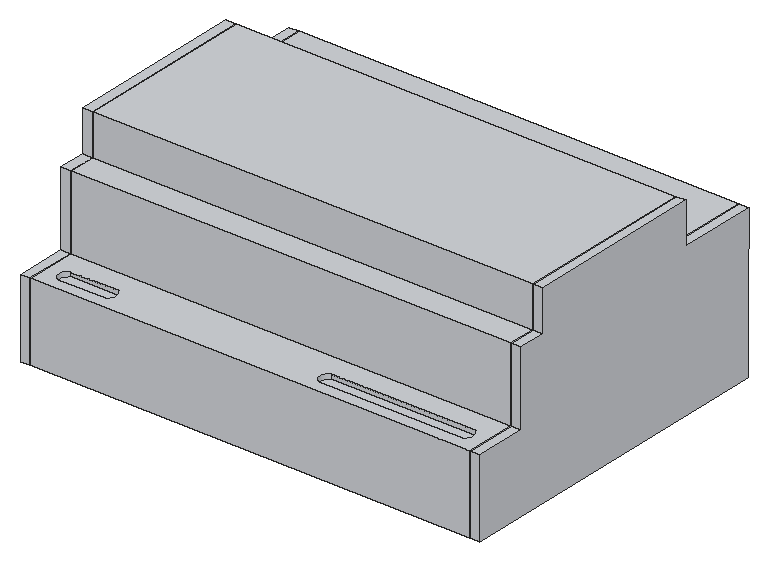
Revit family "Gira_053500", category Electrical Fixtures, host Face, Revit 2017
Family settings
  Host = Face
  Maintain Annotation Orientation = No
  Round Connector Dimension = Use Diameter
  Part Type = Normal
  Cut with Voids When Loaded = No
  Shared = No
  Room Calculation Point = No
Parameters (values of type "DC pow.supply 24 V 5 A DRA Electronics")
  URL = "https://www.gira.de/"
  Type Comments = ""
  Model = ""
  Manufacturer = "Gira"
  Keynote = ""
  HeinzeBIM = "https://www.heinze.de/bim/dc-pow-supply-24-v-5-a-dra-electronics/66304a2bba27a85c9a5d9a86d3c19f51ab19208a"
  HAN = "053500"
  GTIN = "4010337535003"
  Description = "DC PSU 24V 5A DRA Elec. Power supply DC 24 V 5 A,DRA Features: - Stabilised and short-circuit-proof switched mode power supply unit for installation on a top-hat rail."
  Default Elevation = 1219.2 mm
  Cost = 0
  BIMSITE_PRODUCT_ID = "66304a2bba27a85c9a5d9a86d3c19f51ab19208a"
  BIM = "https://media.live.bim.site/t/eyJhbGciOiJIUzI1NiIsInR5cCI6IkpXVCJ9.eyJjdCI6MSwidGYiOiJwdWJsaWMvZ2lyYS8wOWY1ZGI1LzA1MzUgMDBfUkVHIDYucmZhIiwiY2lkIjoiZmVkOThlOWEtMWJkOC00YzY4LWE3M2ItNzRhOTRlMzE1ODIzIiwicmlkIjoiNjkyOWI3NTZmMDJkNTNlYmYxZjQ4YmMzMjJjYmRhMTgiLCJwaWQiOiI2NjMwNGEyYmJhMjdhODVjOWE1ZDlhODZkM2MxOWY1MWFiMTkyMDhhIiwic2lkIjoiNjM0NzAiLCJ1dCI6NSwibGMiOiJlbiIsImlhdCI6MTYwNzQyNzg0MCwiaXNzIjoiaHR0cHM6Ly9hcGkubGl2ZS5iaW0uc2l0ZSIsInN1YiI6IjhkM2FhNWNiLWUwNjYtNDU5OC1iZTE2LTZlMTZlZTc0OTU2YSJ9.VMlMkrKIb4plfhClkXjawkQrLpDt_O3jseHBd6iRwUg/0535 00_REG 6.rfa"
  Assembly Code = ""
Reference planes
  plane 1 "Center (Front/Back)": y = 0
  plane 2: z = 0
  plane 3 "Center (Left/Right)": x = 0
Forms (mm)
  Extrusion 1, solid, detail levels fine
    sketch origin (0, 0, 0) x (0, 1, 0) y (0, 0, 1)
      loop
        line (23, 49.5) -> (-23, 49.5) -> (-23, 39) -> (-30, 39) -> (-30, 20) -> (-43, 20) -> (-43, 0) -> (-41, 0) -> (-41, 18.5) -> (-28.5, 18.5) -> (-28.5, 37.5) -> (-21.5, 37.5) -> (-21.5, 45.5) -> (21.5, 45.5) -> (21.5, 37.5) -> (41, 37.5) -> (41, 0) -> (43, 0) -> (43, 39) -> (23, 39) -> (23, 49.5)
    from -56.45 to 56.45
  Extrusion 2, solid, detail levels fine
    sketch origin (-19.55, 0, 0) x (0, 1, 0) y (0, 0, 1)
      loop
        line (23, 49.5) -> (-23, 49.5) -> (-23, 39) -> (-30, 39) -> (-30, 20) -> (-43, 20) -> (-43, 0) -> (43, 0) -> (43, 20) -> (43, 39) -> (23, 39) -> (23, 49.5)
    from 76 to 78.5
  Extrusion 3, solid, detail levels fine
    sketch origin (19.55, 0, 0) x (0, 1, 0) y (0, 0, -1)
      loop
        line (23, -49.5) -> (23, -39) -> (43, -39) -> (43, -20) -> (43, 0) -> (-43, 0) -> (-43, -20) -> (-30, -20) -> (-30, -39) -> (-23, -39) -> (-23, -49.5) -> (23, -49.5)
    from 76 to 78.5
  Extrusion 4, solid, detail levels medium
    sketch origin (0, 0, 0) x (0, 1, 0) y (0, 0, 1)
      loop
        line (23, 49.5) -> (-23, 49.5) -> (-23, 39) -> (-30, 39) -> (-30, 20) -> (-43, 20) -> (-43, 0) -> (43, 0) -> (43, 20) -> (43, 39) -> (23, 39) -> (23, 49.5)
    from -58.95 to 58.95
  Extrusion 5, solid, detail levels coarse
    sketch origin (-19.65, 0, 0) x (1, 0, 0) y (0, 1, 0)
      loop
        line (78.6, 43) -> (-39.3, 43) -> (-39.3, -43) -> (78.6, -43) -> (78.6, 43)
    from 0 to 49.5
  Extrusion 6, void
    sketch origin (-70, 0, 0) x (1, 0, 0) y (0, 1, 0)
      loop
        arc (18.063, -35.786) -> (16.969, -37.893) -> (18.063, -40) r 2.577
        line (18.063, -40) -> (30.763, -40)
        arc (30.763, -40) -> (31.653, -37.781) -> (30.337, -35.786) r 2.577
        line (30.337, -35.786) -> (18.063, -35.786)
    from 18.868 to 20
  Extrusion 7, void
    sketch origin (21.588, 0, 0) x (1, 0, 0) y (0, 1, 0)
      loop
        arc (-6.592, -35.786) -> (-7.664, -37.904) -> (-6.549, -40) r 2.577
        line (-6.549, -40) -> (30.763, -40)
        arc (30.763, -40) -> (31.653, -37.781) -> (30.337, -35.786) r 2.577
        line (30.337, -35.786) -> (-6.592, -35.786)
    from 18.868 to 20
Cuts and joins
  Extrusion 6, Extrusion 7 cuts Extrusion 4
  Extrusion 6, Extrusion 7 cuts Extrusion 5
  Extrusion 6, Extrusion 7 cuts Extrusion 1
Dimensions and locks
  aligned and locked: plane 2 to host face
  aligned and locked: level to host face
